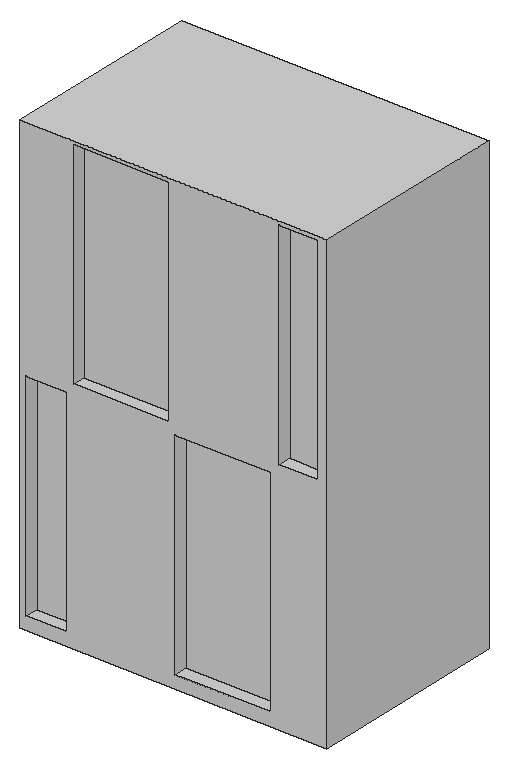
Revit family "SA 7H3W", category Mechanical Equipment, Revit 2019
Family settings
  Round Connector Dimension = Use Diameter
  Part Type = Normal
  OmniClass Number = 23.75.00.00
  OmniClass Title = Climate Control (HVAC)
  Work Plane-Based = No
  Always vertical = Yes
  Cut with Voids When Loaded = No
  Shared = No
  Room Calculation Point = No
Parameters (values of type "7H3W SA")
  Width = 5' - 4 1/2"
  Weight (lbs.) = "2483"
  URL = "www.renewaire.com"
  Model = "7H3W SA"
  Manufacturer = "Renewaire LLC"
  Length = 8' - 1 3/4"
  Housing = Metal - RenewAire - Anodized - Gray Text
  Height = 12' - 1 3/8"
  Description = "Energy Recovery Ventilator"
  Cores (L125-G5) = "21"
  Airflow Range (CFM) = "5,250-23,100"
  3W = yes
Types (3): name | Weight (lbs.)
  (no name) | "2483"
  8H3W SA | "5934"
  7H3W SA | "2483"
Reference planes (in)
  plane 1 "Center (Front/Back)": y = 0
  plane 2: z = 0
  plane 3 "Center (Left/Right)": x = 0
Forms (in)
  Extrusion 1, solid, material "Metal - RenewAire - Anodized - Gray Text" <- "Housing", visible <- "3W"
    sketch origin (0, -16.07731, 0) x (0, 1, 0) y (0, 0, 1)
      loop
        line (32.26413, 145.375) -> (-32.26413, 145.375) -> (-32.26413, 0) -> (32.26413, 0) -> (32.26413, 145.375)
    from 0 to 97.75
  Extrusion 2, void
    sketch origin (-0.44626, -14.11828, -1.09024) x (1, 0, 0) y (0, 0, 1)
      loop
        line (2.375, 73.78305) -> (2.375, 5.25) -> (15.17072, 5.25) -> (15.17072, 73.78305) -> (2.375, 73.78305)
      loop
        line (49.92926, 73.78305) -> (49.92926, 5.25) -> (80.25787, 5.25) -> (80.25787, 73.78305) -> (49.92926, 73.78305)
      loop
        line (47.75055, 145.375) -> (17.42194, 145.375) -> (17.42194, 76.78305) -> (47.75055, 76.78305) -> (47.75055, 145.375)
      loop
        line (82.94551, 145.31611) -> (82.94551, 76.78305) -> (95.32051, 76.78305) -> (95.32051, 145.31611) -> (82.94551, 145.31611)
    from 30 to 38.22316
  Extrusion 3, void
    sketch origin (-0.65054, 49.88172, -1.16295) x (1, 0, 0) y (0, 0, 1)
      loop
        line (2.375, 73.78305) -> (2.375, 5.25) -> (15.17072, 5.25) -> (15.17072, 73.78305) -> (2.375, 73.78305)
      loop
        line (49.92926, 73.78305) -> (49.92926, 5.25) -> (80.25787, 5.25) -> (80.25787, 73.78305) -> (49.92926, 73.78305)
      loop
        line (47.75055, 145.375) -> (17.42194, 145.375) -> (17.42194, 76.78305) -> (47.75055, 76.78305) -> (47.75055, 145.375)
      loop
        line (82.94551, 145.31611) -> (82.94551, 76.78305) -> (95.32051, 76.78305) -> (95.32051, 145.31611) -> (82.94551, 145.31611)
    from 30 to 38.22316
Cuts and joins
  Extrusion 2, Extrusion 3 cuts Extrusion 1
Dimensions and locks (in)
  aligned and locked: level to plane 2
